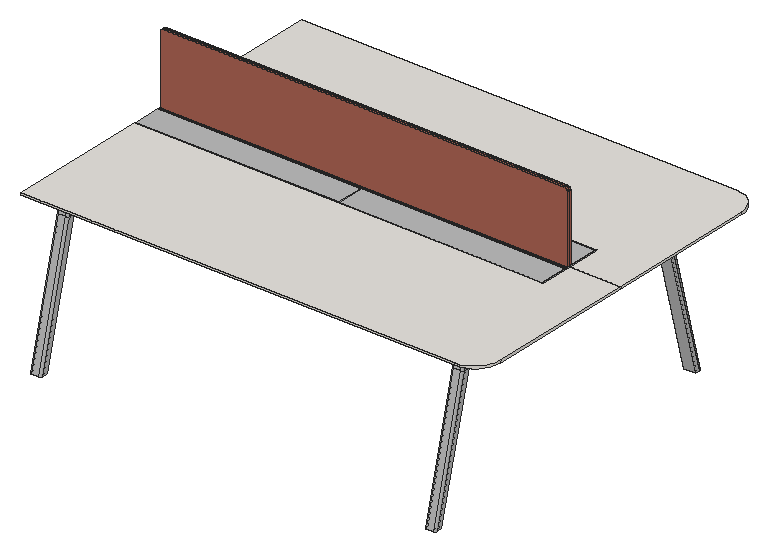
Revit family "Haworth_ActiveComponents_RectangularHalfConferenceEnd_Intuity_BUILD", category Furniture Systems, Revit 2015
Parameters (values of type "30d 72w")
  Worksurface Finish [instance] = Haworth _ Laminate _ Linen H-WL
  Width = 72"
  Warranty = "http://www.haworth.com/resources/product-info/warranties"
  Utility Tray Yes = yes
  URL - Product = "https://www.haworth.com/products/workspaces/accessories/active-components"
  URL = "www.haworth.com"
  Total Depth = Actual Depth * 2  # 63"
  Top Thickness = 1 3/16"  # constant formula
  Sustainability Info = "http://www.haworth.com/company-info/sustainability"
  Standard Worksurface Depths = "24, 30 inches"  # constant formula
  Standard Screen Widths = "60, 72 inches"  # constant formula
  Standard Worksurface Widths = "60, 72 inches"  # constant formula
  Screen Yes [instance] = yes
  Screen Width = 72"
  Screen Offset = Leg Height + 1/4"  # 28 1/4"
  Screen Finish = Haworth _ Fabric _ Tellure _ Geranium 3A-42
  Rail Finish = Haworth _ Paint _ Metallic Silver
  Overhang Dimension = if(Overhang 9in, 9", 18")  # 9"
  Overhang 9in = yes
  Overhang 18in = not(Overhang 9in)  # no
  Min Width = 60"  # constant formula
  Min Screen Width = 60"  # constant formula
  Min Depth = 24"  # constant formula
  Middle Void Dimension = if(Access Hatch Yes, 5 13/16", 1 13/16")  # 5 13/16"
  Max Width = 72"  # constant formula
  Max Screen Width = 72"  # constant formula
  Max Depth = 30"  # constant formula
  Leg Right Shared [instance] = no
  Leg Right Offset [instance] = if(Leg Right Shared, 0", 1 1/4")  # 1 1/4"
  Leg Right None [instance] = not(or(Leg Right Column, Leg Right Angled))  # no
  Leg Right Column [instance] = no
  Leg Right Angled [instance] = yes
  Leg Left Shared [instance] = no
  Leg Left Offset [instance] = if(Leg Left Shared, 0", 1 1/4")  # 1 1/4"
  Leg Left None [instance] = not(or(Leg Left Column, Leg Left Angled))  # no
  Leg Left Column [instance] = no
  Leg Left Angled [instance] = yes
  Leg Height = 28"  # constant formula
  Leg Half = 1"  # constant formula
  Leg Front Offset [instance] = if(or(Leg Right Angled, Leg Left Angled), 13", 6")  # 13"
  Leg Finish = Haworth _ Paint _ Metallic Silver
  Size = "Verify Final Dim. w/ Haworth"  # constant formula
  Revision Number = "3"  # constant formula
  Model = "WBYB"  # constant formula
  Manufacturer = "Haworth"  # constant formula
  End Cap Right [instance] = yes
  End Cap Offset = 1/8"  # constant formula
  End Cap Depth Half = if(Access Hatch Yes, 5 29/32", 1 13/32")  # 5 29/32"
  Description = "Haworth Intuity - Worksurface - Rectangular Half Conference End - 30d 72w"
  Depth = Actual Depth - Middle Void Dimension  # 25 11/16"
  Custom Size = not(or(Width = 48", Width = 54", Width = 60", Width = 66", Width = 72"))  # no
  Custom Screen Size = not(or(Screen Width = 60", Screen Width = 30", Screen Width = 72"))  # no
  Beam Offset = 16 1/2"  # constant formula
  Beam Height = 2"  # constant formula
  Beam Gap = 9/16"  # constant formula
  Beam Depth = 1 1/4"  # constant formula
  Author = "Haworth (Hampton, Alias)"  # constant formula
  Assembly Code = "E2020200"
  Actual Worksurface Depth = 19 1/2"
  Actual Width = (if(Width > Max Width, Max Width, if(Width < Min Width, Min Width, Width))) + Overhang Dimension  # 81"
  Actual Screen Width = if(Screen Width > Max Screen Width, Max Screen Width - 1/4", if(Screen Width < Min Screen Width, Min Screen Width - 1/4", Screen Width - 1/4"))  # 71 3/4"
  Actual Height = 29 3/16"  # constant formula
  Actual Depth = if([24 Depth], 25 1/2", 31 1/2")  # 31 1/2"
  Access Plate Offset = 7/8"  # constant formula
  Access Plate Height = 3/8"  # constant formula
  Access Plate Depth = 4 1/4"  # constant formula
  Access Hatch Yes = yes
  Access Hatch No = not(Access Hatch Yes)  # no
  Access Hatch Finish = Haworth _ Paint _ Metallic Silver
  Accent Plate Finish = Haworth _ Paint _ Metallic Silver
  Accent Plate Depth [instance] = Total Depth - Leg Front Offset * 2  # 37"
  30 Depth = not([24 Depth])  # yes
  24 Depth = no
Reference planes (in)
  plane 1: z = 0
  plane 2 "Screen Center": x = 8.5
  plane 3 "Left Edge": x = -27.5
  plane 4 "Screen Right Edge": x = 44.5
  plane 5 "Support Top": z = 29.1875
  plane 6 "Center F/B": y = -7.86431
  plane 7 "Back": y = 23.63569
  plane 8 "Front": y = -39.36431
  plane 9 "Right Leg Offset": x = 43.25
  plane 10 "Leg Front": y = -26.36431
  plane 11 "Leg Back": y = 10.63569
  plane 12: z = 28
  plane 13 "Beam 2": y = -0.86431
  plane 14 "Beam 1": y = 0.38569
  plane 15 "Beam 3": y = -14.86431
  plane 16 "Beam 4": y = -16.11431
  plane 17 "Beam Top": z = 27.4375
  plane 18 "Beam Bottom": z = 25.4375
  plane 19 "Leg Right Inside": x = 42.25
  plane 20 "Access Bottom": z = 28.8125
  plane 21 "Right": x = 53.5
  plane 22 "Center L/R": x = 13
  plane 23: x = -25.25
  plane 24: x = -26.25
Forms (in)
  Extrusion 1, solid, material "Haworth _ Paint _ Metallic Silver" <- "Access Hatch Finish", visible <- "End Cap Right"
    sketch origin (0, 0, 0) x (1, 0, 0) y (0, 1, 0)
      loop
        line (44.375, -1.95806) -> (44.375, -13.77056) -> (44.5, -13.77056) -> (44.5, -1.95806) -> (44.375, -1.95806)
    from 28 to 29.1875
  Extrusion 2, solid, material "Haworth _ Paint _ Metallic Silver" <- "Leg Finish"
    sketch origin (0, 0, 0) x (1, 0, 0) y (0, 1, 0)
      loop
        line (-25.25, 0.38569) -> (-25.25, -0.86431) -> (42.25, -0.86431) -> (42.25, 0.38569) -> (-25.25, 0.38569)
      loop
        line (-25.25, -14.86431) -> (-25.25, -16.11431) -> (42.25, -16.11431) -> (42.25, -14.86431) -> (-25.25, -14.86431)
    from 25.4375 to 27.4375
Dimensions and locks (in)
  "Width": plane 3 "Left Edge" to plane 4 "Screen Right Edge"
  equal spacing: plane 3 "Left Edge", plane 2 "Screen Center", plane 4 "Screen Right Edge"
  "Actual Height": plane 5 "Support Top" to level
  "Leg Right Offset": plane 9 "Right Leg Offset" to plane 4 "Screen Right Edge"
  "Leg Front Offset": plane 7 "Back" to plane 11 "Leg Back"
  "Leg Front Offset": plane 8 "Front" to plane 10 "Leg Front"
  "Top Thickness": plane 5 "Support Top" to plane 12
  equal spacing: plane 16 "Beam 4", plane 6 "Center F/B", plane 14 "Beam 1"
  "Beam Offset": plane 16 "Beam 4" to plane 14 "Beam 1"
  "Beam Depth": plane 14 "Beam 1" to plane 13 "Beam 2"
  "Beam Depth": plane 16 "Beam 4" to plane 15 "Beam 3"
  "Beam Gap": plane 12 to plane 17 "Beam Top"
  "Beam Height": plane 17 "Beam Top" to plane 18 "Beam Bottom"
  "Leg Half": plane 19 "Leg Right Inside" to plane 9 "Right Leg Offset"
  "Access Plate Height": plane 5 "Support Top" to plane 20 "Access Bottom"
  "Actual Width": plane 3 "Left Edge" to plane 21 "Right"
  equal spacing: plane 3 "Left Edge", plane 22 "Center L/R", plane 21 "Right"
  locked: plane 3 "Left Edge" to plane 23 at 2.25
  "Actual Depth": plane 7 "Back" to plane 6 "Center F/B"
  "Actual Depth": plane 6 "Center F/B" to plane 8 "Front"
  "Leg Left Offset": plane 3 "Left Edge" to plane 24
  aligned and locked: nested 2 to plane 9 "Right Leg Offset"
  aligned and locked: plane 10 "Leg Front" to nested 2
  aligned and locked: plane 11 "Leg Back" to nested 1
  aligned and locked: plane 9 "Right Leg Offset" to nested 1
  aligned and locked: nested 3 to plane 9 "Right Leg Offset"
  aligned and locked: plane 6 "Center F/B" to nested 3
  aligned and locked: Extrusion 1 sketch curve to plane 4 "Screen Right Edge"
  aligned and locked: plane 5 "Support Top" to Extrusion 1
  aligned and locked: Extrusion 1 to plane 12
  aligned and locked: plane 19 "Leg Right Inside" to Extrusion 2 sketch curve  (x2)
  aligned and locked: Extrusion 2 sketch curve to plane 14 "Beam 1"
  aligned and locked: plane 13 "Beam 2" to Extrusion 2 sketch curve
  aligned and locked: plane 15 "Beam 3" to Extrusion 2 sketch curve
  aligned and locked: Extrusion 2 sketch curve to plane 16 "Beam 4"
  aligned and locked: plane 17 "Beam Top" to Extrusion 2
  aligned and locked: Extrusion 2 to plane 18 "Beam Bottom"
  aligned and locked: plane 6 "Center F/B" to nested 4
  aligned and locked: Extrusion 2 to plane 23  (x2)
  aligned and locked: plane 3 "Left Edge" to nested 7
  aligned and locked: nested 6 to plane 3 "Left Edge"
  aligned and locked: plane 6 "Center F/B" to nested 7
  aligned and locked: plane 6 "Center F/B" to nested 6
  aligned and locked: plane 3 "Left Edge" to nested 5
  aligned and locked: plane 6 "Center F/B" to nested 5
  aligned and locked: nested 8 to plane 1
  aligned and locked: nested 9 to plane 1
  aligned and locked: nested 10 to plane 1
  aligned and locked: nested 2 to plane 1
  aligned and locked: nested 1 to plane 1
  aligned and locked: nested 10 to plane 24
  aligned and locked: plane 24 to nested 8
  aligned and locked: plane 24 to nested 11
  aligned and locked: plane 24 to nested 9
  aligned and locked: plane 10 "Leg Front" to nested 9
  aligned and locked: plane 11 "Leg Back" to nested 10
  aligned and locked: plane 6 "Center F/B" to nested 8
  aligned and locked: plane 6 "Center F/B" to nested 11
  aligned and locked: nested 12 to plane 1
  aligned and locked: nested 12 to plane 9 "Right Leg Offset"
  aligned and locked: plane 6 "Center F/B" to nested 12
  aligned and locked: plane 2 "Screen Center" to nested 13
  aligned and locked: nested 13 to plane 6 "Center F/B"
Automatic sketch dimensions
  Extrusion 1 sketch curve to plane 15 "Beam 3" = 1 3/32"
  Extrusion 1 sketch curve to plane 13 "Beam 2" = 1 3/32"
  Extrusion 2 sketch curve to plane 3 "Left Edge" = 2 1/4"  (x2)
  Extrusion 1 sketch curve to plane 4 "Screen Right Edge" = 1/8"
Nested families (in)
  nested 1: "Haworth_Intuity_Angled_Leg" at (51.75, 2.77138, 0) x (-1, 0, 0) z (0, 0, 1), visible <- "Leg Right Angled", type "Support"
  nested 2: "Haworth_Intuity_Angled_Leg" at (34.75, -18.5, 0), visible <- "Leg Right Angled", type "Support"
  nested 3: "Haworth_Intuity_Accent_Plate" at (34.75, 2.78125, 0), visible <- "Leg Right Angled", type "Support"
    with Support Depth 37"
  nested 4: "Haworth_Intuity_Screens" at (0, 0, 28.25), visible <- "Screen Yes", built-in parameter 1001364 <- "Screen Offset", type "Screen"
    with Actual Width 71 3/4"
  nested 5: "Haworth_ActiveComponents_AccessHatch_Part" at (0, 0, 0), visible <- "Access Hatch Yes", type "Access Hatch"
    with Width 72", Actual Width 72"
  nested 6: "Haworth_Intuity_Worksurfaces_RectangleHalfConferenceEnd_Part" at (0, 2.67763, 28), built-in parameter 1001364 <- "Leg Height", type "Top"
    with Overhang 18in. no, Overall Depth 31", Actual Depth 25 3/16", 24in. Depth no
  nested 7: "Haworth_Intuity_Worksurfaces_RectangleHalfConferenceEnd_Part" at (0, -18.40625, 28), built-in parameter 1001364 <- "Leg Height", type "Top"
    with Overhang 18in. no, Overall Depth 31", Actual Depth 25 3/16", 24in. Depth no
  nested 8: "Haworth_Intuity_Column_Leg" at (-34.75, 2.78125, 0), visible <- "Leg Left Column", type "Support"
  nested 9: "Haworth_Intuity_Angled_Leg" at (-34.75, -18.5, 0), visible <- "Leg Left Angled", type "Support"
  nested 10: "Haworth_Intuity_Angled_Leg" at (-17.75, 2.77138, 0) x (-1, 0, 0) z (0, 0, 1), visible <- "Leg Left Angled", type "Support"
  nested 11: "Haworth_Intuity_Accent_Plate" at (-34.75, 2.78125, 0), visible <- "Leg Left Angled", type "Support"
    with Support Depth 37"
  nested 12: "Haworth_Intuity_Column_Leg" at (34.75, 2.78125, 0), visible <- "Leg Right Column", type "Support"
  nested 13: "Haworth_Intuity_Utility_Tray" at (0, 13.375, 0), visible <- "Utility Tray Yes", type "Tray"
Definition of nested family "Haworth_Intuity_Angled_Leg"
  Parameters
    URL = "www.haworth.com"
    Support Thickness = 2"  # constant formula
    Support Inset = 1/4"  # constant formula
    Support Height = 28"  # constant formula
    Support Finish = none
    Size = "Verify Final Dim. w/ Haworth"  # constant formula
    Revision Number = "1"  # constant formula
    Model = "Haworth_Intuity_Angled_Leg"  # constant formula
    Manufacturer = "Haworth"  # constant formula
    Description = "Haworth_Intuity_Angled_Leg"
    Author = "Haworth (Hampton)"  # constant formula
    Assembly Code = "E2020200"
    Actual Depth = 10 3/4"  # constant formula
  Reference planes (in)
    plane 1: z = 0
    plane 2 "Center L/R": x = 8.5
    plane 3 "Support Left Edge": x = 7.5
    plane 4 "Support Right Edge": x = 9.5
    plane 5 "Support Top": z = 28
    plane 6 "Center F/B": y = -7.86431
    plane 7 "Inset Left": x = 7.75
    plane 8 "Inset Right": x = 9.25
    plane 9 "Front": y = -18.60273
  Forms (in)
    Extrusion 1, solid, material <- "Support Finish"
      sketch origin (7.5, 0, 0) x (0, -1, 0) y (0, 0, 1)
        loop
          line (18.60273, 0) -> (12.61969, 22.70402) -> (11.40102, 22.70402) -> (17.38407, 0) -> (18.60273, 0)
      from -2 to 0
    Extrusion 2, solid, material <- "Support Finish"
      sketch origin (7.5, 0, 0) x (0, -1, 0) y (0, 0, 1)
        loop
          line (12.61969, 22.70402) -> (11.20064, 28) -> (9.99113, 28) -> (9.63452, 26.66908)
          arc (9.63452, 26.66908) -> (9.41129, 26.335) -> (9.03081, 26.20584) r 0.625
          line (9.03081, 26.20584) -> (7.86431, 26.20584) -> (7.86431, 25.0255) -> (8.76475, 25.0255)
          arc (8.76475, 25.0255) -> (10.36275, 24.48305) -> (11.30031, 23.0799) r 2.625
          line (11.30031, 23.0799) -> (11.40102, 22.70402) -> (12.61969, 22.70402)
      from -2 to 0
    Extrusion 3, void
      sketch origin (0, -0.61412, -4.74042) x (1, 0, 0) y (0, 0.966987, -0.254824)
        loop
          line (9.125, -18.60273) -> (7.875, -18.60273)
          arc (7.875, -18.60273) -> (7.60983, -18.4929) -> (7.5, -18.22773) r 0.375
          line (7.5, -18.22773) -> (7.18721, -18.74452) -> (9.81279, -18.74452) -> (9.5, -18.22773)
          arc (9.5, -18.22773) -> (9.39017, -18.4929) -> (9.125, -18.60273) r 0.375
      from 0 to 30.3576
  Cuts and joins
    Extrusion 3 cuts Extrusion 1
    Extrusion 3 cuts Extrusion 2
  Lines and regions (in)
    symbolic lines, detail levels medium+fine
      curve 1: line (7.5, -7.86431, 0) -> (9.5, -7.86431, 0)
      curve 2: line (7.5, -18.60273, 0) -> (7.5, -7.86431, 0)
      curve 3: line (9.5, -18.60273, 0) -> (7.5, -18.60273, 0)
      curve 4: line (9.5, -7.86431, 0) -> (9.5, -18.60273, 0)
  Dimensions and locks (in)
    "Support Thickness": plane 3 "Support Left Edge" to plane 4 "Support Right Edge"
    equal spacing: plane 3 "Support Left Edge", plane 2 "Center L/R", plane 4 "Support Right Edge"
    "Support Height": plane 5 "Support Top" to level
    "Support Inset": plane 3 "Support Left Edge" to plane 7 "Inset Left"
    "Support Inset": plane 8 "Inset Right" to plane 4 "Support Right Edge"
    aligned and locked: plane 4 "Support Right Edge" to Extrusion 2
    aligned and locked: plane 3 "Support Left Edge" to Extrusion 2
    aligned and locked: plane 4 "Support Right Edge" to Extrusion 1
    aligned and locked: plane 3 "Support Left Edge" to Extrusion 1
  Automatic sketch dimensions
    Extrusion 1 sketch curve to level = 0"
    Extrusion 1 sketch curve to plane 6 "Center F/B" = 3.53671"
    Extrusion 1 sketch curve to Extrusion 1 sketch curve = 1.21867"  (x2)
    Extrusion 2 sketch curve to plane 6 "Center F/B" = 0"
    Extrusion 2 sketch curve to plane 5 "Support Top" = 0"
    Extrusion 2 sketch curve to plane 6 "Center F/B" = 1.1665"
    Extrusion 2 sketch curve to plane 6 "Center F/B" = 0.90044"
    Extrusion 2 sketch curve to Extrusion 2 sketch curve = 0.6037"
    Extrusion 2 sketch curve to Extrusion 2 sketch curve = 0.35662"
    Extrusion 2 sketch curve to Extrusion 2 sketch curve = 2.53556"
    Extrusion 2 sketch curve to Extrusion 2 sketch curve = 1.2095"
    Extrusion 2 sketch curve to Extrusion 2 sketch curve = 0.10072"
    Extrusion 2 sketch curve to Extrusion 2 sketch curve = 1.21867"
    Extrusion 2 sketch curve to Extrusion 2 sketch curve = 0.16176"
    Extrusion 2 sketch curve to Extrusion 2 sketch curve = 1.18035"
    Extrusion 2 sketch curve to Extrusion 2 sketch curve = 1.9456"
    Extrusion 2 sketch curve to Extrusion 2 sketch curve = 0.37588"
    Extrusion 1 sketch curve to plane 6 "Center F/B" = 9.51976"
    Extrusion 1 sketch curve to plane 5 "Support Top" = 5.29598"
    Extrusion 2 sketch curve to plane 5 "Support Top" = 1.16916"
    plane 3 "Support Left Edge" to curve 3 = 0"
    plane 4 "Support Right Edge" to curve 3 = 0"
    curve 3 to plane 6 "Center F/B" = 10.73842"
    plane 6 "Center F/B" to curve 2 = 0"
    Extrusion 3 sketch curve to plane 3 "Support Left Edge" = 0"
    Extrusion 3 sketch curve to plane 4 "Support Right Edge" = 0"
    plane 3 "Support Left Edge" to Extrusion 3 sketch curve = 0.31279"
    plane 7 "Inset Left" to Extrusion 3 sketch curve = 1/8"
    plane 8 "Inset Right" to Extrusion 3 sketch curve = 1/8"
    plane 4 "Support Right Edge" to Extrusion 3 sketch curve = 0.31279"
    Extrusion 3 sketch curve to Extrusion 3 sketch curve = 0.14179"
Definition of nested family "Haworth_Intuity_Accent_Plate"
  Parameters
    URL = "www.haworth.com"
    Support Thickness = 2"  # constant formula
    Support Inset = 1/4"  # constant formula
    Support Height = 28"  # constant formula
    Support Finish = none
    Support Depth = 16"
    Size = "Verify Final Dim. w/ Haworth"  # constant formula
    Revision Number = "1"  # constant formula
    Plate Offset = 2 3/8"  # constant formula
    Model = "Haworth_Intuity_Accent_Plate"  # constant formula
    Manufacturer = "Haworth"  # constant formula
    Leg Depth = 1 1/4"  # constant formula
    Description = "Haworth_Intuity_Accent_Plate"
    Author = "Haworth (Hampton)"  # constant formula
    Assembly Code = "E2020200"
    Actual Depth = 3 11/16"  # constant formula
    Access Plate Finish = none
  Reference planes (in)
    plane 1: z = 0
    plane 2 "Center L/R": x = 8.5
    plane 3 "Support Left Edge": x = 7.5
    plane 4 "Support Right Edge": x = 9.5
    plane 5 "Support Top": z = 28
    plane 6 "Center F/B": y = -10.64556
    plane 7 "Leg Inside": y = -18.64556
    plane 8 "Plate Middle": z = 26.20584
    plane 9 "Plate Bottom": z = 25.0255
    plane 10 "Leg Inside Back": y = -2.64556
    plane 11 "Plate Left": x = 7.75
    plane 12 "Plate Right": x = 9.25
    plane 13 "Plate Front": y = -21.02056
    plane 14 "Plate End": y = -0.27056
  Forms (in)
    Extrusion 1, solid, material <- "Support Finish"
      sketch origin (8.5, 0, 0) x (0, 1, 0) y (0, 0, 1)
        loop
          line (-18.64556, 26.20584) -> (-18.64556, 25.0255) -> (-2.64556, 25.0255) -> (-2.64556, 26.20584) -> (-18.64556, 26.20584)
      from -1 to 1
    Extrusion 2, solid, material <- "Access Plate Finish"
      sketch origin (8.5, 0, 0) x (0, 1, 0) y (0, 0, 1)
        loop
          line (-21.02056, 28) -> (-20.66394, 26.66908)
          arc (-20.66394, 26.66908) -> (-20.44071, 26.335) -> (-20.06024, 26.20584) r 0.625
          line (-20.06024, 26.20584) -> (-1.23088, 26.20584)
          arc (-1.23088, 26.20584) -> (-0.85041, 26.335) -> (-0.62718, 26.66908) r 0.625
          line (-0.62718, 26.66908) -> (-0.27056, 28) -> (-21.02056, 28)
      from -0.75 to 0.75
  Lines and regions (in)
    symbolic lines, detail levels medium+fine
      curve 1: line (7.5, -0.27056, 0) -> (9.5, -0.27056, 0)
      curve 2: line (7.5, -21.02056, 0) -> (7.5, -0.27056, 0)
      curve 3: line (9.5, -21.02056, 0) -> (7.5, -21.02056, 0)
      curve 4: line (9.5, -0.27056, 0) -> (9.5, -21.02056, 0)
  Dimensions and locks (in)
    "Support Thickness": plane 3 "Support Left Edge" to plane 4 "Support Right Edge"
    equal spacing: plane 3 "Support Left Edge", plane 2 "Center L/R", plane 4 "Support Right Edge"
    "Support Height": plane 5 "Support Top" to level
    locked: plane 5 "Support Top" to plane 8 "Plate Middle" at 1.79416
    locked: plane 8 "Plate Middle" to plane 9 "Plate Bottom" at 1.18035
    equal spacing: plane 10 "Leg Inside Back", plane 6 "Center F/B", plane 7 "Leg Inside"
    "Support Depth": plane 7 "Leg Inside" to plane 10 "Leg Inside Back"
    locked: plane 3 "Support Left Edge" to plane 11 "Plate Left" at 0.25
    locked: plane 12 "Plate Right" to plane 4 "Support Right Edge" at 0.25
    "Plate Offset": plane 13 "Plate Front" to plane 7 "Leg Inside"
    "Plate Offset": plane 10 "Leg Inside Back" to plane 14 "Plate End"
    aligned and locked: plane 7 "Leg Inside" to Extrusion 1 sketch curve
    aligned and locked: plane 10 "Leg Inside Back" to Extrusion 1 sketch curve
    aligned and locked: Extrusion 1 sketch curve to plane 8 "Plate Middle"
    aligned and locked: plane 9 "Plate Bottom" to Extrusion 1 sketch curve
    aligned and locked: plane 3 "Support Left Edge" to Extrusion 1
    aligned and locked: plane 4 "Support Right Edge" to Extrusion 1
    aligned and locked: Extrusion 2 sketch curve to plane 8 "Plate Middle"
    aligned and locked: Extrusion 2 sketch curve to plane 5 "Support Top"
    aligned and locked: Extrusion 2 to plane 11 "Plate Left"
    aligned and locked: Extrusion 2 to plane 12 "Plate Right"
    aligned and locked: plane 14 "Plate End" to curve 1
    aligned and locked: plane 13 "Plate Front" to curve 3
  Automatic sketch dimensions
    Extrusion 2 sketch curve to plane 13 "Plate Front" = 0"
    Extrusion 2 sketch curve to plane 14 "Plate End" = 0"
    plane 13 "Plate Front" to Extrusion 2 sketch curve = 0.35662"
    Extrusion 2 sketch curve to Extrusion 2 sketch curve = 0.6037"
    plane 14 "Plate End" to Extrusion 2 sketch curve = 0.96032"
    plane 14 "Plate End" to Extrusion 2 sketch curve = 0.35662"
    plane 8 "Plate Middle" to Extrusion 2 sketch curve = 0.46324"  (x2)
    curve 3 to plane 3 "Support Left Edge" = 0"
    curve 3 to plane 4 "Support Right Edge" = 0"
Definition of nested family "Haworth_Intuity_Screens"
  Parameters
    URL = "www.haworth.com"
    Size = "Verify Final Dim. w/ Haworth"  # constant formula
    Screen Finish = none
    Screen Depth = 7/32"  # constant formula
    Revision Number = "1"  # constant formula
    Model = "Haworth_Intuity_Screens"  # constant formula
    Manufacturer = "Haworth"  # constant formula
    Inside Offset = 1/8"  # constant formula
    Description = "Haworth_Intuity_Screens"
    Author = "Haworth (Hampton)"  # constant formula
    Assembly Code = "E2020200"
    Actual Width = 48"
    Actual Height = 13 13/32"  # constant formula
    Actual Depth = 9/16"  # constant formula
  Reference planes (in)
    plane 1: z = 0
    plane 2 "Center L/R": x = 8.5
    plane 3 "Left Edge": x = -15.5
    plane 4 "Right Edge": x = 32.5
    plane 5 "Support Top": z = 13.40625
    plane 6 "Center F/B": y = -7.86431
    plane 7 "Back": y = -7.58306
    plane 8 "Front": y = -8.14556
    plane 9 "Screen Inside Back": y = -7.80181
    plane 10 "Screen Inside Front": y = -7.92681
    plane 11 "Inside Left": x = -15.375
    plane 12 "Inside Right": x = 32.375
    plane 13 "Inside Top": z = 13.28125
    plane 14 "Inside Bottom": z = 0.125
  Forms (in)
    Extrusion 1, solid, material <- "Screen Finish"
      sketch origin (0, -7.86431, 0) x (0, 0, -1) y (-1, 0, 0)
        loop
          line (-13.40625, 14.875) -> (-13.40625, -31.875)
          arc (-13.40625, -31.875) -> (-13.22319, -32.31694) -> (-12.78125, -32.5) r 0.625
          line (-12.78125, -32.5) -> (0, -32.5) -> (0, 15.5) -> (-12.78125, 15.5)
          arc (-12.78125, 15.5) -> (-13.22319, 15.31694) -> (-13.40625, 14.875) r 0.625
      from -0.28125 to -0.0625
    Extrusion 2, solid, material <- "Screen Finish"
      sketch origin (0, -7.58306, 0) x (-1, 0, 0) y (0, 0, 1)
        loop
          line (14.875, 13.40625) -> (-31.875, 13.40625)
          arc (-31.875, 13.40625) -> (-32.31694, 13.22319) -> (-32.5, 12.78125) r 0.625
          line (-32.5, 12.78125) -> (-32.5, 0) -> (15.5, 0) -> (15.5, 12.78125)
          arc (15.5, 12.78125) -> (15.31694, 13.22319) -> (14.875, 13.40625) r 0.625
      from -0.21875 to 0
    Extrusion 3, solid, material <- "Screen Finish"
      sketch origin (0, -7.86431, 0) x (0, 0, -1) y (-1, 0, 0)
        loop
          line (-13.28125, 14.75) -> (-13.28125, -31.75)
          arc (-13.28125, -31.75) -> (-13.09819, -32.19194) -> (-12.65625, -32.375) r 0.625
          line (-12.65625, -32.375) -> (-0.125, -32.375) -> (-0.125, 15.375) -> (-12.65625, 15.375)
          arc (-12.65625, 15.375) -> (-13.09819, 15.19194) -> (-13.28125, 14.75) r 0.625
      from -0.0625 to 0.0625
  Lines and regions (in)
    symbolic lines
      curve 1: line (-15.5, -7.86431, 0) -> (32.5, -7.86431, 0)
  Dimensions and locks (in)
    "Actual Width": plane 3 "Left Edge" to plane 4 "Right Edge"
    equal spacing: plane 3 "Left Edge", plane 2 "Center L/R", plane 4 "Right Edge"
    "Actual Height": plane 5 "Support Top" to level
    equal spacing: plane 8 "Front", plane 6 "Center F/B", plane 7 "Back"
    "Actual Depth": plane 8 "Front" to plane 7 "Back"
    "Screen Depth": plane 7 "Back" to plane 9 "Screen Inside Back"
    "Screen Depth": plane 8 "Front" to plane 10 "Screen Inside Front"
    "Inside Offset": plane 5 "Support Top" to plane 13 "Inside Top"
    "Inside Offset": plane 14 "Inside Bottom" to plane 1
    "Inside Offset": plane 3 "Left Edge" to plane 11 "Inside Left"
    "Inside Offset": plane 4 "Right Edge" to plane 12 "Inside Right"
    aligned and locked: curve 1 to plane 6 "Center F/B"
    aligned and locked: plane 4 "Right Edge" to curve 1
    aligned and locked: plane 3 "Left Edge" to curve 1
    aligned and locked: Extrusion 1 sketch curve to plane 4 "Right Edge"
    aligned and locked: plane 1 to Extrusion 1 sketch curve
    aligned and locked: Extrusion 1 sketch curve to plane 3 "Left Edge"
    aligned and locked: Extrusion 1 sketch curve to plane 5 "Support Top"
    aligned and locked: plane 8 "Front" to Extrusion 1
    aligned and locked: Extrusion 1 to plane 10 "Screen Inside Front"
    aligned and locked: Extrusion 2 sketch curve to plane 5 "Support Top"
    aligned and locked: Extrusion 2 sketch curve to plane 4 "Right Edge"
    aligned and locked: plane 1 to Extrusion 2 sketch curve
    aligned and locked: Extrusion 2 sketch curve to plane 3 "Left Edge"
    aligned and locked: Extrusion 2 to plane 9 "Screen Inside Back"
    aligned and locked: plane 7 "Back" to Extrusion 2
    aligned and locked: plane 14 "Inside Bottom" to Extrusion 3 sketch curve
    aligned and locked: plane 11 "Inside Left" to Extrusion 3 sketch curve
    aligned and locked: plane 12 "Inside Right" to Extrusion 3 sketch curve
    aligned and locked: Extrusion 3 sketch curve to plane 13 "Inside Top"
    aligned and locked: plane 10 "Screen Inside Front" to Extrusion 3
    aligned and locked: plane 9 "Screen Inside Back" to Extrusion 3
  Automatic sketch dimensions
    Extrusion 1 sketch curve to plane 13 "Inside Top" = 1/2"  (x2)
    plane 12 "Inside Right" to Extrusion 2 sketch curve = 1/2"
    plane 11 "Inside Left" to Extrusion 2 sketch curve = 1/2"
    Extrusion 3 sketch curve to plane 13 "Inside Top" = 5/8"  (x2)
Definition of nested family "Haworth_ActiveComponents_AccessHatch_Part"
  Parameters (values of type "Access Hatch")
    Width = 60"
    Warranty = "http://www.haworth.com/resources/product-info/warranties"
    URL - Product = "http://www.haworth.com/products/workspaces/benching/intuity"
    URL = "www.haworth.com"
    Top Thickness = 1 3/16"  # constant formula
    Sustainability Info = "http://www.haworth.com/company-info/sustainablility"
    Rail Finish = none
    Min Width = 48"  # constant formula
    Min Screen Width = 24"  # constant formula
    Max Width = 72"  # constant formula
    Max Screen Width = 60"  # constant formula
    Leg Height = 28"  # constant formula
    Leg Half = 1"  # constant formula
    Leg Finish = none
    Size = "Verify Final Dim. w/ Haworth"  # constant formula
    Revision Number = "2"  # constant formula
    Model = ""
    Manufacturer = "Haworth"  # constant formula
    End Cap Offset = 1/8"  # constant formula
    End Cap Depth Half = 5 29/32"
    Description = "Haworth - Intuity - Benching - Access Hatch Part"  # constant formula
    Custom Size = not(or(Width = 48", Width = 54", Width = 60", Width = 66", Width = 72"))  # no
    Beam Offset = 16 1/2"  # constant formula
    Beam Height = 2"  # constant formula
    Beam Gap = 9/16"  # constant formula
    Beam Depth = 1 1/4"  # constant formula
    Author = "Haworth (Hampton)"  # constant formula
    Assembly Code = "E2020200"
    Actual Width = if(Width > Max Width, Max Width, if(Width < Min Width, Min Width, Width))  # 60"
    Actual Height = 29 3/16"  # constant formula
    Access Plate Offset = 7/8"  # constant formula
    Access Plate Height = 3/8"  # constant formula
    Access Plate Depth = 5 13/16" - 7/8"  # 4 15/16"
    Access Hatch No = no
    Access Hatch Finish = none
    Accent Plate Finish = none
  Reference planes (in)
    plane 1: z = 0
    plane 2 "Center L/R": x = 8.5
    plane 3 "Left Edge": x = -21.5
    plane 4 "Right Edge": x = 38.5
    plane 5 "Support Top": z = 29.1875
    plane 6 "Center F/B": y = -7.86431
    plane 7 "End Cap Left": x = -21.375
    plane 8 "End Cap Right": x = 38.375
    plane 9 "End Cap Back": y = -1.95806
    plane 10 "End Cap Front": y = -13.77056
    plane 11: z = 28
    plane 12 "Beam 2": y = -0.86431
    plane 13 "Beam 1": y = 0.38569
    plane 14 "Beam 3": y = -14.86431
    plane 15 "Beam 4": y = -16.11431
    plane 16 "Beam Top": z = 27.4375
    plane 17 "Beam Bottom": z = 25.4375
    plane 18 "Leg Left Inside": x = -13.25
    plane 19 "Leg Right Inside": x = 30.25
    plane 20 "Access Plate Left": x = 8.375
    plane 21 "Access Plate Right": x = 8.625
    plane 22 "Access Plate 4": y = -8.73931
    plane 23 "Access Plate 1": y = -6.98931
    plane 24 "Access Plate 2": y = -2.05181
    plane 25 "Access Plate 3": y = -13.67681
    plane 26 "Access Bottom": z = 28.8125
  Forms (in)
    Extrusion 1, solid, material <- "Leg Finish"
      sketch origin (0, 0, 0) x (1, 0, 0) y (0, 1, 0)
        loop
          line (-13.25, 0.38569) -> (-13.25, -0.86431) -> (30.25, -0.86431) -> (30.25, 0.38569) -> (-13.25, 0.38569)
        loop
          line (-13.25, -14.86431) -> (-13.25, -16.11431) -> (30.25, -16.11431) -> (30.25, -14.86431) -> (-13.25, -14.86431)
      from 25.4375 to 27.4375
    Extrusion 2, solid, material <- "Access Hatch Finish"
      sketch origin (0, 0, 0) x (1, 0, 0) y (0, 1, 0)
        loop
          line (-21.375, -2.05181) -> (-21.375, -6.98931) -> (8.375, -6.98931) -> (8.375, -2.05181) -> (-21.375, -2.05181)
        loop
          line (-21.375, -8.73931) -> (-21.375, -13.67681) -> (8.375, -13.67681) -> (8.375, -8.73931) -> (-21.375, -8.73931)
        loop
          line (8.625, -2.05181) -> (8.625, -6.98931) -> (38.375, -6.98931) -> (38.375, -2.05181) -> (8.625, -2.05181)
        loop
          line (8.625, -8.73931) -> (8.625, -13.67681) -> (38.375, -13.67681) -> (38.375, -8.73931) -> (8.625, -8.73931)
      from 28.8125 to 29.1875
  Lines and regions (in)
    Masking region 1
      outline origin (0, 0, 0) x (1, 0, 0) y (0, 1, 0)
        loop
          line (-21.375, -13.67681) -> (8.375, -13.67681) -> (8.375, -8.73931) -> (-21.375, -8.73931) -> (-21.375, -13.67681)
        loop
          line (8.625, -13.67681) -> (38.375, -13.67681) -> (38.375, -8.73931) -> (8.625, -8.73931) -> (8.625, -13.67681)
        loop
          line (38.375, -2.05181) -> (8.625, -2.05181) -> (8.625, -6.98931) -> (38.375, -6.98931) -> (38.375, -2.05181)
        loop
          line (-21.375, -2.05181) -> (-21.375, -6.98931) -> (8.375, -6.98931) -> (8.375, -2.05181) -> (-21.375, -2.05181)
    symbolic lines, detail levels fine
      curve 1: line (8.5, -8.73931, 0) -> (8.5, -13.77056, 0)
      curve 2: line (8.5, -6.98931, 0) -> (8.5, -1.95806, 0)
  Dimensions and locks (in)
    "Actual Width": plane 3 "Left Edge" to plane 4 "Right Edge"
    equal spacing: plane 3 "Left Edge", plane 2 "Center L/R", plane 4 "Right Edge"
    "Actual Height": plane 5 "Support Top" to level
    "End Cap Offset": plane 8 "End Cap Right" to plane 4 "Right Edge"
    "End Cap Offset": plane 3 "Left Edge" to plane 7 "End Cap Left"
    "End Cap Depth Half": plane 10 "End Cap Front" to plane 6 "Center F/B"
    "End Cap Depth Half": plane 9 "End Cap Back" to plane 6 "Center F/B"
    "Top Thickness": plane 5 "Support Top" to plane 11
    equal spacing: plane 15 "Beam 4", plane 6 "Center F/B", plane 13 "Beam 1"
    "Beam Offset": plane 15 "Beam 4" to plane 13 "Beam 1"
    "Beam Depth": plane 13 "Beam 1" to plane 12 "Beam 2"
    "Beam Depth": plane 15 "Beam 4" to plane 14 "Beam 3"
    "Beam Gap": plane 11 to plane 16 "Beam Top"
    "Beam Height": plane 16 "Beam Top" to plane 17 "Beam Bottom"
    "End Cap Offset": plane 20 "Access Plate Left" to plane 2 "Center L/R"
    "End Cap Offset": plane 2 "Center L/R" to plane 21 "Access Plate Right"
    "Access Plate Offset": plane 6 "Center F/B" to plane 22 "Access Plate 4"
    "Access Plate Offset": plane 23 "Access Plate 1" to plane 6 "Center F/B"
    "Access Plate Depth": plane 23 "Access Plate 1" to plane 24 "Access Plate 2"
    "Access Plate Depth": plane 22 "Access Plate 4" to plane 25 "Access Plate 3"
    "Access Plate Height": plane 5 "Support Top" to plane 26 "Access Bottom"
    locked: plane 19 "Leg Right Inside" to plane 8 "End Cap Right" at 8.125
    locked: plane 7 "End Cap Left" to plane 18 "Leg Left Inside" at 8.125
    aligned and locked: plane 2 "Center L/R" to nested 1
    aligned and locked: plane 6 "Center F/B" to nested 1
    aligned and locked: plane 18 "Leg Left Inside" to Extrusion 1 sketch curve  (x2)
    aligned and locked: plane 19 "Leg Right Inside" to Extrusion 1 sketch curve  (x2)
    aligned and locked: Extrusion 1 sketch curve to plane 13 "Beam 1"
    aligned and locked: plane 12 "Beam 2" to Extrusion 1 sketch curve
    aligned and locked: plane 14 "Beam 3" to Extrusion 1 sketch curve
    aligned and locked: Extrusion 1 sketch curve to plane 15 "Beam 4"
    aligned and locked: plane 16 "Beam Top" to Extrusion 1
    aligned and locked: Extrusion 1 to plane 17 "Beam Bottom"
    aligned and locked: plane 25 "Access Plate 3" to Extrusion 2 sketch curve  (x2)
    aligned and locked: Extrusion 2 sketch curve to plane 22 "Access Plate 4"  (x2)
    aligned and locked: Extrusion 2 sketch curve to plane 23 "Access Plate 1"  (x2)
    aligned and locked: plane 24 "Access Plate 2" to Extrusion 2 sketch curve  (x2)
    aligned and locked: Extrusion 2 sketch curve to plane 21 "Access Plate Right"  (x2)
    aligned and locked: Extrusion 2 sketch curve to plane 20 "Access Plate Left"  (x2)
    aligned and locked: plane 8 "End Cap Right" to Extrusion 2 sketch curve  (x2)
    aligned and locked: plane 7 "End Cap Left" to Extrusion 2 sketch curve  (x2)
    aligned and locked: plane 5 "Support Top" to Extrusion 2
    aligned and locked: Extrusion 2 to plane 26 "Access Bottom"
    aligned and locked: curve 1 to plane 2 "Center L/R"
    aligned and locked: plane 22 "Access Plate 4" to curve 1
    aligned and locked: plane 2 "Center L/R" to curve 2
    aligned and locked: plane 23 "Access Plate 1" to curve 2
    aligned and locked: plane 9 "End Cap Back" to curve 2
    aligned and locked: plane 10 "End Cap Front" to curve 1
    aligned and locked: Masking region 1 sketch curve to Extrusion 2  (x16)
  Nested families (in)
    nested 1: "Haworth_Intuity_Rail" at (0, 2.78125, 0), type "Rail"
      with Right Shared Leg no, Right Offset 1/8", Left Shared Leg no, Left Offset 1/8", Worsurface Length 60"
  Definition of nested family "Haworth_Intuity_Rail"
    Parameters
      Worsurface Height = 1 3/16"  # constant formula
      URL = "www.haworth.com"
      Worsurface Length = 48"
      Support Height = 28"  # constant formula
      Right Shared Leg [instance] = no
      Right Offset [instance] = if(Right Shared Leg, 0", 1/8")  # 1/8"
      Rail Finish = none
      Rail Depth = 1 1/2"  # constant formula
      Size = "Verify Final Dim. w/ Haworth"  # constant formula
      Revision Number = "1"  # constant formula
      Model = "Haworth_Intuity_Rail"  # constant formula
      Manufacturer = "Haworth"  # constant formula
      Left Shared Leg [instance] = no
      Left Offset [instance] = if(Left Shared Leg, 0", 1/8")  # 1/8"
      Description = "Haworth_Intuity_Rail"
      Author = "Haworth (Hampton)"  # constant formula
      Assembly Code = "E2020200"
    Reference planes (in)
      plane 1: z = 0
      plane 2 "Center L/R": x = 8.5
      plane 3 "Support Left Edge": x = -15.5
      plane 4 "Support Right Edge": x = 32.5
      plane 5 "Support Top": z = 28
      plane 6 "Center F/B": y = -10.64556
      plane 7 "Leg Inside": y = -11.39556
      plane 8 "Top Top": z = 29.1875
      plane 9 "Leg Inside Back": y = -9.89556
      plane 10 "Plate Left": x = -15.375
      plane 11 "Plate Right": x = 32.375
      plane 12: z = 28.1875
    Forms (in)
      Extrusion 1, solid, material <- "Rail Finish"
        sketch origin (8.5, 0, 0) x (0, 1, 0) y (0, 0, 1)
          loop
            line (-11.39556, 29.1875) -> (-11.39556, 28.1875) -> (-9.89556, 28.1875) -> (-9.89556, 29.1875) -> (-9.95806, 29.1875) -> (-9.95806, 28.375) -> (-10.20806, 28.375) -> (-10.20806, 29.1875) -> (-10.27056, 29.1875) -> (-10.27056, 28.25) -> (-11.02056, 28.25) -> (-11.02056, 29.1875) -> (-11.08306, 29.1875) -> (-11.08306, 28.375) -> (-11.33306, 28.375) -> (-11.33306, 29.1875) -> (-11.39556, 29.1875)
        from -23.875 to 23.875
    Lines and regions (in)
      symbolic lines, detail levels medium+fine
        curve 1: line (-15.375, -9.89556, 0) -> (32.375, -9.89556, 0)
        curve 2: line (-15.375, -11.39556, 0) -> (-15.375, -9.89556, 0)
        curve 3: line (32.375, -11.39556, 0) -> (-15.375, -11.39556, 0)
        curve 4: line (32.375, -9.89556, 0) -> (32.375, -11.39556, 0)
    Dimensions and locks (in)
      "Worsurface Length": plane 3 "Support Left Edge" to plane 4 "Support Right Edge"
      equal spacing: plane 3 "Support Left Edge", plane 2 "Center L/R", plane 4 "Support Right Edge"
      "Support Height": plane 5 "Support Top" to level
      equal spacing: plane 9 "Leg Inside Back", plane 6 "Center F/B", plane 7 "Leg Inside"
      "Rail Depth": plane 7 "Leg Inside" to plane 9 "Leg Inside Back"
      "Left Offset": plane 3 "Support Left Edge" to plane 10 "Plate Left"
      "Right Offset": plane 11 "Plate Right" to plane 4 "Support Right Edge"
      plane 8 "Top Top" to plane 5 "Support Top" = 1 3/16"
      aligned and locked: plane 9 "Leg Inside Back" to curve 1
      aligned and locked: curve 3 to plane 7 "Leg Inside"
      aligned and locked: Extrusion 1 to plane 10 "Plate Left"
      aligned and locked: Extrusion 1 to plane 11 "Plate Right"
      aligned and locked: plane 10 "Plate Left" to curve 2
      aligned and locked: plane 11 "Plate Right" to curve 4
    Automatic sketch dimensions
      Extrusion 1 sketch curve to plane 7 "Leg Inside" = 0"
      Extrusion 1 sketch curve to plane 8 "Top Top" = 0"  (x4)
      Extrusion 1 sketch curve to plane 9 "Leg Inside Back" = 0"
      Extrusion 1 sketch curve to plane 12 = 0"
      Extrusion 1 sketch curve to plane 7 "Leg Inside" = 1/16"
      Extrusion 1 sketch curve to Extrusion 1 sketch curve = 1/4"
      Extrusion 1 sketch curve to Extrusion 1 sketch curve = 1/16"  (x2)
      plane 6 "Center F/B" to Extrusion 1 sketch curve = 3/8"
      plane 9 "Leg Inside Back" to Extrusion 1 sketch curve = 1/16"
      plane 12 to Extrusion 1 sketch curve = 1/16"
      Extrusion 1 sketch curve to Extrusion 1 sketch curve = 1/8"  (x2)
Definition of nested family "Haworth_Intuity_Worksurfaces_RectangleHalfConferenceEnd_Part"
  Parameters (values of type "Top")
    Warranty = "https://www.haworth.com/resources/product-info/warranties"
    URL - Product = "https://www.haworth.com/products/workspaces/accessories/active-components"
    URL = "www.haworth.com"
    Radius = 4 1/2"  # constant formula
    Overhang 9in. = yes
    Overhang 18in. = yes
    Overhang = if(Overhang 9in., 9", 18")  # 9"
    Overall Width = Actual Width + Overhang  # 81"
    Overall Depth = if([24in. Depth], 25 1/2", 31")  # 25 1/2"
    Min. Width = 60"  # constant formula
    Min. Depth = 24"  # constant formula
    Max. Width = 72"  # constant formula
    Max. Depth = 30"  # constant formula
    Finish = none
    Size = "Verify Final Dim. w/ Haworth"  # constant formula
    Revision Number = "1"  # constant formula
    Model = "WBYB"  # constant formula
    Manufacturer = "Haworth"  # constant formula
    Description = "Haworth - Active Components - Intuity Worksurfaces"
    Author = "Haworth (Alias)"  # constant formula
    Assembly Code = "E2020200"
    Actual Width = 72"
    Actual Height = 1 3/16"  # constant formula
    Actual Depth = Overall Depth - Access Dimension  # 19 11/16"
    Access Hatch Yes = yes
    Access Hatch No = not(Access Hatch Yes)  # no
    Access Dimension = if(Access Hatch Yes, 5 13/16", 1 13/16")  # 5 13/16"
    30in. Depth = yes
    24in. Depth = yes
  Reference planes (in)
    plane 1: z = 0
    plane 2 "Center L/R": x = 8.5
    plane 3 "Left Edge": x = -27.5
    plane 4 "Right Edge": x = 44.5
    plane 5 "Support Top": z = 1.1875
    plane 6 "Center F/B": y = -7.86431
    plane 7 "Back": y = 1.97944
    plane 8 "Front": y = -17.70806
    plane 9 "Knife Edge": y = -15.70806
    plane 10 "Knife Edge Seam": z = 0.8125
    plane 11: y = 7.79194
    plane 12: x = 53.5
    plane 13 "Knife Edge 2": x = 51.5
  Forms (in)
    Extrusion 1, solid, material <- "Finish"
      sketch origin (0, 0, 0) x (1, 0, 0) y (0, 1, 0)
        loop
          line (-27.5, 1.97944) -> (-27.5, -17.70806) -> (49, -17.70806)
          arc (49, -17.70806) -> (52.18198, -16.39004) -> (53.5, -13.20806) r 4.5
          line (53.5, -13.20806) -> (53.5, 7.79194) -> (44.5, 7.79194) -> (44.5, 1.97944) -> (-27.5, 1.97944)
      from 0 to 1.1875
    Sweep 2, void
      path origin (0, 0, 0) x (1, 0, 0) y (0, 1, 0)
        loop
          line (-27.5, -15.70806) -> (49, -15.70806)
          arc (49, -15.70806) -> (50.76777, -14.97583) -> (51.5, -13.20806) r 2.5
          line (51.5, -13.20806) -> (51.5, 7.79194)
      profile origin (10.75, -15.70806, 0) x (0, 1, 0) y (0, 0, 1)
        loop
          line (-2.5, -0.31399) -> (0, -0.31399) -> (0, 0) -> (-2, 0.8125) -> (-2.5, 0.8125) -> (-2.5, -0.31399)
  Cuts and joins
    Sweep 2 cuts Extrusion 1
  Lines and regions (in)
    Masking region 1
      outline origin (0, 0, 0) x (1, 0, 0) y (0, 1, 0)
        loop
          line (53.5, 7.79194) -> (44.5, 7.79194) -> (44.5, 1.97944) -> (-27.5, 1.97944) -> (-27.5, -17.70806) -> (49, -17.70806)
          arc (49, -17.70806) -> (52.18198, -16.39004) -> (53.5, -13.20806) r 4.5
          line (53.5, -13.20806) -> (53.5, 7.79194)
  Dimensions and locks (in)
    "Actual Width": plane 3 "Left Edge" to plane 4 "Right Edge"
    equal spacing: plane 3 "Left Edge", plane 2 "Center L/R", plane 4 "Right Edge"
    "Actual Height": plane 5 "Support Top" to level
    equal spacing: plane 8 "Front", plane 6 "Center F/B", plane 7 "Back"
    "Actual Depth": plane 8 "Front" to plane 7 "Back"
    locked: plane 5 "Support Top" to plane 10 "Knife Edge Seam" at 0.375
    "Overall Depth": plane 11 to plane 8 "Front"
    "Overall Width": plane 3 "Left Edge" to plane 12
    locked: plane 13 "Knife Edge 2" to plane 12 at 2
    locked: plane 8 "Front" to plane 9 "Knife Edge" at 2
    "Radius": radius of Extrusion 1 sketch curve
    "Radius": radius of Masking region 1 sketch curve
    aligned and locked: Extrusion 1 sketch curve to plane 3 "Left Edge"
    aligned and locked: Extrusion 1 sketch curve to plane 7 "Back"
    aligned and locked: Extrusion 1 sketch curve to plane 8 "Front"
    aligned and locked: Extrusion 1 to plane 1
    aligned and locked: Extrusion 1 to plane 5 "Support Top"
    aligned and locked: Extrusion 1 sketch curve to plane 12
    aligned and locked: Extrusion 1 sketch curve to plane 11
    aligned and locked: Extrusion 1 sketch curve to plane 4 "Right Edge"
    aligned and locked: plane 11 to Sweep 2 sketch curve
    aligned and locked: Sweep 2 sketch curve to plane 13 "Knife Edge 2"
    aligned and locked: plane 3 "Left Edge" to Sweep 2 sketch curve
    aligned and locked: Sweep 2 sketch curve to plane 9 "Knife Edge"
    aligned and locked: plane 3 "Left Edge" to Masking region 1 sketch curve
    aligned and locked: plane 7 "Back" to Masking region 1 sketch curve
    aligned and locked: Masking region 1 sketch curve to plane 4 "Right Edge"
    aligned and locked: plane 11 to Masking region 1 sketch curve
    aligned and locked: plane 12 to Masking region 1 sketch curve
    aligned and locked: plane 8 "Front" to Masking region 1 sketch curve
  Automatic sketch dimensions
    plane 9 "Knife Edge" to Sweep 2 sketch curve = 2 1/2"
    Sweep 2 sketch curve to profile plane = 0"
    Sweep 2 sketch curve to level = 0"
    Sweep 2 sketch curve to level = 0.31399"
    profile plane to Sweep 2 sketch curve = 2 1/2"
    level to Sweep 2 sketch curve = 13/16"
    Sweep 2 sketch curve to Sweep 2 sketch curve = 1/2"
Definition of nested family "Haworth_Intuity_Column_Leg"
  Parameters
    URL = "www.haworth.com"
    Support Thickness = 3 3/16"  # constant formula
    Support Inset = 1/4"  # constant formula
    Support Height = 28"  # constant formula
    Support Finish = none
    Support Depth = 15 3/4"  # constant formula
    Size = "Verify Final Dim. w/ Haworth"  # constant formula
    Revision Number = "1"  # constant formula
    Plate Offset = 2 3/8"  # constant formula
    Model = "Haworth_Intuity_Column_Leg"  # constant formula
    Manufacturer = "Haworth"  # constant formula
    Leg Depth = 1 1/4"  # constant formula
    Description = "Haworth_Intuity_Column_Leg"
    Column Height = 23"  # constant formula
    Cantilever Offset = 4 3/8"  # constant formula
    Cantilever Length = 7 7/8"  # constant formula
    Beam Width Half = 1"  # constant formula
    Beam Height = 2 5/8"  # constant formula
    Author = "Haworth (Hampton)"  # constant formula
    Assembly Code = "E2020200"
    Actual Depth = 3 11/16"  # constant formula
  Reference planes (in)
    plane 1 "Beam Bottom": z = 23
    plane 2 "Center L/R": x = 8.5
    plane 3 "Support Left Edge": x = 6.90625
    plane 4 "Support Right Edge": x = 10.09375
    plane 5 "Support Top": z = 28
    plane 6 "Center F/B": y = -10.64556
    plane 7 "Leg Inside": y = -18.52056
    plane 8 "Beam Top": z = 25.375
    plane 9 "Leg Inside Back": y = -2.77056
    plane 10 "Plate Left": x = 7.5
    plane 11 "Plate Right": x = 9.5
    plane 12 "Plate Front": y = -22.89556
    plane 13 "Plate End": y = 1.60444
    plane 14 "Beam 1": y = -18.27056
    plane 15 "Beam 2": y = -16.39556
    plane 16 "Beam 3": y = -4.89556
    plane 17 "Beam 4": y = -3.02056
    plane 18 "Back Support": y = 9.47944
    plane 19 "Front Support": y = -30.77056
  Forms (in)
    Extrusion 1, solid, material <- "Support Finish"
      sketch origin (8.5, 0, 0) x (0, 1, 0) y (0, 0, 1)
        loop
          line (-18.52056, 23) -> (-18.52056, 0) -> (-2.77056, 0) -> (-2.77056, 23) -> (-18.52056, 23)
      from -1.59375 to 1.59375
    Extrusion 2, solid, material <- "Support Finish"
      sketch origin (0, 0, 0) x (1, 0, 0) y (0, 1, 0)
        loop
          line (7.5, -4.89556) -> (9.5, -4.89556) -> (9.5, -3.02056) -> (7.5, -3.02056) -> (7.5, -4.89556)
        loop
          line (7.5, -16.39556) -> (7.5, -18.27056) -> (9.5, -18.27056) -> (9.5, -16.39556) -> (7.5, -16.39556)
      from 23 to 25.375
    Extrusion 3, solid, material <- "Support Finish"
      sketch origin (8.5, 0, 0) x (0, 1, 0) y (0, 0, 1)
        loop
          line (-30.77056, 28) -> (-22.89556, 25.375) -> (1.60444, 25.375) -> (9.47944, 28) -> (-30.77056, 28)
      from -1.59375 to 1.59375
  Lines and regions (in)
    symbolic lines, detail levels medium+fine
      curve 1: line (6.90625, -2.77056, 0) -> (10.09375, -2.77056, 0)
      curve 2: line (6.90625, -18.52056, 0) -> (6.90625, -2.77056, 0)
      curve 3: line (10.09375, -18.52056, 0) -> (6.90625, -18.52056, 0)
      curve 4: line (10.09375, -2.77056, 0) -> (10.09375, -18.52056, 0)
  Dimensions and locks (in)
    "Support Thickness": plane 3 "Support Left Edge" to plane 4 "Support Right Edge"
    equal spacing: plane 3 "Support Left Edge", plane 2 "Center L/R", plane 4 "Support Right Edge"
    "Support Height": plane 5 "Support Top" to level
    equal spacing: plane 9 "Leg Inside Back", plane 6 "Center F/B", plane 7 "Leg Inside"
    "Support Depth": plane 7 "Leg Inside" to plane 9 "Leg Inside Back"
    "Cantilever Offset": plane 12 "Plate Front" to plane 7 "Leg Inside"
    "Cantilever Offset": plane 9 "Leg Inside Back" to plane 13 "Plate End"
    "Column Height": plane 1 "Beam Bottom" to level
    "Plate Offset": plane 8 "Beam Top" to plane 1 "Beam Bottom"
    "Beam Width Half": plane 10 "Plate Left" to plane 2 "Center L/R"
    "Beam Width Half": plane 2 "Center L/R" to plane 11 "Plate Right"
    locked: plane 17 "Beam 4" to plane 9 "Leg Inside Back" at 0.25
    locked: plane 14 "Beam 1" to plane 7 "Leg Inside" at 0.25
    locked: plane 16 "Beam 3" to plane 17 "Beam 4" at 1.875
    locked: plane 15 "Beam 2" to plane 14 "Beam 1" at 1.875
    "Cantilever Length": plane 19 "Front Support" to plane 12 "Plate Front"
    "Cantilever Length": plane 13 "Plate End" to plane 18 "Back Support"
    aligned and locked: plane 7 "Leg Inside" to Extrusion 1 sketch curve
    aligned and locked: plane 9 "Leg Inside Back" to Extrusion 1 sketch curve
    aligned and locked: Extrusion 1 to level
    aligned and locked: plane 1 "Beam Bottom" to Extrusion 1
    aligned and locked: plane 7 "Leg Inside" to curve 3
    aligned and locked: plane 9 "Leg Inside Back" to curve 1
    aligned and locked: plane 14 "Beam 1" to Extrusion 2 sketch curve
    aligned and locked: Extrusion 2 sketch curve to plane 15 "Beam 2"
    aligned and locked: plane 10 "Plate Left" to Extrusion 2 sketch curve
    aligned and locked: plane 11 "Plate Right" to Extrusion 2 sketch curve
    aligned and locked: Extrusion 2 sketch curve to plane 11 "Plate Right"
    aligned and locked: Extrusion 2 sketch curve to plane 10 "Plate Left"
    aligned and locked: Extrusion 2 sketch curve to plane 17 "Beam 4"
    aligned and locked: plane 16 "Beam 3" to Extrusion 2 sketch curve
    aligned and locked: Extrusion 2 to plane 1 "Beam Bottom"
    aligned and locked: plane 3 "Support Left Edge" to Extrusion 3
    aligned and locked: plane 4 "Support Right Edge" to Extrusion 3
  Automatic sketch dimensions
    Extrusion 1 sketch curve to plane 8 "Beam Top" = 2 3/8"
    Extrusion 1 sketch curve to level = 0"
    curve 3 to plane 3 "Support Left Edge" = 0"
    curve 3 to plane 4 "Support Right Edge" = 0"
    Extrusion 3 sketch curve to plane 5 "Support Top" = 0"
    Extrusion 3 sketch curve to plane 19 "Front Support" = 0"
    Extrusion 3 sketch curve to plane 8 "Beam Top" = 0"
    Extrusion 3 sketch curve to plane 12 "Plate Front" = 0"
    Extrusion 3 sketch curve to plane 13 "Plate End" = 0"
    Extrusion 3 sketch curve to plane 18 "Back Support" = 0"
Definition of nested family "Haworth_Intuity_Utility_Tray"
  Parameters
    Length Position = (Length / 2) - 6"  # 27"
    Height = 5 119/256"  # constant formula
    End Cap Right = yes
    End Cap Left = yes
    Depth Position = Depth / 2  # 7.11914"
    Depth = 14 61/256"  # constant formula
    Height Location = 27.00 SF / 13/16"  # 4785.23077"
    Standard Lengths = "36, 42, 48, 54, 60, 66, 72, 78, 84, 90, 96 in."  # constant formula
    Model = "Haworth_Intuity_Utility_Tray"  # constant formula
    URL = "www.haworth.com"
    Sustainability Info = "http://www.haworth.com/bottom-nav/company-info/sustainability"
    Utility Tray Finish = none
    Size = "Verify Final Dim. w/ Haworth"  # constant formula
    Revision Number = "1"  # constant formula
    Manufacturer = "Haworth"  # constant formula
    Length = 66"
    Description = "Haworth_Intuity_Utility_Tray"
    Author = "Haworth (Hampton)"  # constant formula
    Assembly Code = "E2020200"
  Reference planes (in)
    plane 1: z = 0
    plane 2 "Center L/R": x = 8.5
    plane 3 "Support Top": z = 27.8125
    plane 4 "Center F/B": y = -21.23931
    plane 5 "Back": y = -14.12017
    plane 6 "Front": y = -28.35845
    plane 7 "Bottom": z = 22.34766
    plane 8 "Left": x = -18.5
    plane 9 "Right": x = 35.5
    plane 10 "Tray Left": x = -15.5
    plane 11 "Tray Right": x = 32.5
    plane 12 "Bracket Left": x = -14.248
    plane 13 "Bracket Right": x = 31.248
    plane 14 "Cap Left": x = -15
    plane 15 "Cap Right": x = 32
  Forms (in)
    Extrusion 1, solid, material <- "Utility Tray Finish"
      sketch origin (-18.5, 0, -1.5) x (0, 1, 0) y (0, 0, 1)
        loop
          line (-27.21431, 23.845) -> (-27.29431, 23.765) -> (-27.29431, 23.437) -> (-27.28332, 23.396) -> (-26.68288, 22.356) -> (-26.61187, 22.315) -> (-15.86675, 22.315) -> (-15.79574, 22.356) -> (-15.1953, 23.396) -> (-15.18431, 23.437) -> (-15.18431, 23.765) -> (-15.26431, 23.845) -> (-15.28641, 23.8229) -> (-15.21556, 23.75206) -> (-15.21556, 23.44111) -> (-15.22442, 23.40806) -> (-15.81862, 22.37888) -> (-15.87513, 22.34625) -> (-26.60349, 22.34625) -> (-26.66, 22.37888) -> (-27.2542, 23.40806) -> (-27.26306, 23.44111) -> (-27.26306, 23.75206) -> (-27.19221, 23.8229) -> (-27.21431, 23.845)
      from 3.002 to 51
    Extrusion 2, solid, material <- "Utility Tray Finish"
      sketch origin (8.5, 0, 0) x (0, 1, 0) y (0, 0, -1)
        loop
          line (-13.22631, -27.8125) -> (-13.22631, -27.765) -> (-14.06199, -27.765) -> (-14.12331, -27.70368) -> (-15.30881, -22.32639) -> (-15.36431, -22.33863) -> (-14.17831, -27.71821) -> (-14.08402, -27.8125) -> (-13.22631, -27.8125)
        loop
          line (-29.25231, -27.8125) -> (-28.3946, -27.8125) -> (-28.30031, -27.71821) -> (-27.11431, -22.33863) -> (-27.16981, -22.32639) -> (-28.35531, -27.70368) -> (-28.41663, -27.765) -> (-29.25231, -27.765) -> (-29.25231, -27.8125)
      from -24 to -22.748
    Extrusion 3, solid, material <- "Utility Tray Finish"
      sketch origin (8.5, 0, 0) x (0, 1, 0) y (0, 0, 1)
        loop
          line (-13.22631, 27.8125) -> (-14.08402, 27.8125) -> (-14.17831, 27.71821) -> (-15.36431, 22.33863) -> (-15.30881, 22.32639) -> (-14.12331, 27.70368) -> (-14.06199, 27.765) -> (-13.22631, 27.765) -> (-13.22631, 27.8125)
        loop
          line (-29.25231, 27.8125) -> (-29.25231, 27.765) -> (-28.41663, 27.765) -> (-28.35531, 27.70368) -> (-27.16981, 22.32639) -> (-27.11431, 22.33863) -> (-28.30031, 27.71821) -> (-28.3946, 27.8125) -> (-29.25231, 27.8125)
      from -24 to -22.748
    Extrusion 4, solid, material <- "Utility Tray Finish", visible <- "End Cap Left"
      sketch origin (8.5, 0, 0) x (0, 1, 0) y (0, 0, 1)
        loop
          line (-27.70731, 25.02842) -> (-27.11431, 22.33863) -> (-27.26306, 22.25206) -> (-27.26306, 21.94111) -> (-26.63806, 20.85858) -> (-15.84056, 20.85858) -> (-15.21556, 21.94111) -> (-15.21556, 22.25206) -> (-15.36431, 22.33863) -> (-14.77131, 25.02842) -> (-27.70731, 25.02842)
      from -24 to -23.5
    Extrusion 5, solid, material <- "Utility Tray Finish", visible <- "End Cap Right"
      sketch origin (8.5, 0, 0) x (0, 1, 0) y (0, 0, -1)
        loop
          line (-27.70731, -25.02842) -> (-14.77131, -25.02842) -> (-15.36431, -22.33863) -> (-15.21556, -22.25206) -> (-15.21556, -21.94111) -> (-15.84056, -20.85858) -> (-26.63806, -20.85858) -> (-27.26306, -21.94111) -> (-27.26306, -22.25206) -> (-27.11431, -22.33863) -> (-27.70731, -25.02842)
      from -24 to -23.5
  Lines and regions (in)
    symbolic lines, detail levels fine
      curve 1: line (-15.5, -14.12017, 0) -> (32.5, -14.12017, 0)
      curve 2: line (32.5, -28.35845, 0) -> (-15.5, -28.35845, 0)
      curve 3: line (-15.5, -28.35845, 0) -> (-15.5, -14.12017, 0)
      curve 4: line (32.5, -28.35845, 0) -> (32.5, -14.12017, 0)
  Dimensions and locks (in)
    plane 3 "Support Top" to level = 27 13/16"
    "Depth Position": plane 5 "Back" to plane 4 "Center F/B"
    "Depth Position": plane 4 "Center F/B" to plane 6 "Front"
    "Height": plane 3 "Support Top" to plane 7 "Bottom"
    "Length Position": plane 8 "Left" to plane 2 "Center L/R"
    "Length Position": plane 2 "Center L/R" to plane 9 "Right"
    locked: plane 8 "Left" to plane 10 "Tray Left" at 3
    locked: plane 11 "Tray Right" to plane 9 "Right" at 3
    locked: plane 10 "Tray Left" to plane 12 "Bracket Left" at 1.252
    locked: plane 13 "Bracket Right" to plane 11 "Tray Right" at 1.252
    locked: plane 10 "Tray Left" to plane 14 "Cap Left" at 0.5
    locked: plane 15 "Cap Right" to plane 11 "Tray Right" at 0.5
    aligned: Extrusion 1 to plane 8 "Left"
    aligned: Extrusion 1 to plane 9 "Right"
    aligned and locked: Extrusion 2 to Extrusion 1
    aligned and locked: Extrusion 2 to plane 13 "Bracket Right"
    aligned and locked: Extrusion 2 to plane 11 "Tray Right"
    aligned and locked: Extrusion 3 to plane 10 "Tray Left"
    aligned and locked: Extrusion 3 to plane 12 "Bracket Left"
    aligned and locked: Extrusion 4 to plane 10 "Tray Left"
    aligned and locked: plane 14 "Cap Left" to Extrusion 4
    aligned and locked: Extrusion 5 to plane 11 "Tray Right"
    aligned and locked: plane 15 "Cap Right" to Extrusion 5
    aligned and locked: plane 10 "Tray Left" to curve 1
    aligned and locked: plane 10 "Tray Left" to curve 3
    aligned and locked: plane 5 "Back" to curve 3
    aligned and locked: plane 6 "Front" to curve 3
    aligned and locked: curve 4 to plane 11 "Tray Right"
    aligned and locked: plane 5 "Back" to curve 4
    aligned and locked: plane 6 "Front" to curve 4
  Automatic sketch dimensions
    Extrusion 1 sketch curve to plane 7 "Bottom" = 0.08266"
    plane 6 "Front" to Extrusion 1 sketch curve = 1.06414"
    Extrusion 1 sketch curve to plane 7 "Bottom" = 0.45166"  (x2)
    Extrusion 1 sketch curve to Extrusion 1 sketch curve = 0.01099"
    Extrusion 1 sketch curve to Extrusion 1 sketch curve = 1/32"  (x3)
    Extrusion 1 sketch curve to plane 7 "Bottom" = 0.43959"  (x2)
    Extrusion 1 sketch curve to Extrusion 1 sketch curve = 0.02912"  (x2)
    Extrusion 1 sketch curve to plane 7 "Bottom" = 0.00266"  (x2)
    Extrusion 1 sketch curve to Extrusion 1 sketch curve = 0.04875"
    Extrusion 1 sketch curve to plane 7 "Bottom" = 0.02475"  (x2)
    Extrusion 1 sketch curve to Extrusion 1 sketch curve = 0.57132"
    Extrusion 1 sketch curve to Extrusion 1 sketch curve = 0.02288"  (x4)
    Extrusion 1 sketch curve to Extrusion 1 sketch curve = 0.04814"
    Extrusion 1 sketch curve to Extrusion 1 sketch curve = 0.00837"  (x2)
    plane 5 "Back" to Extrusion 1 sketch curve = 1.75496"
    Extrusion 1 sketch curve to Extrusion 1 sketch curve = 0.05651"
    plane 5 "Back" to Extrusion 1 sketch curve = 1.16624"
    Extrusion 1 sketch curve to Extrusion 1 sketch curve = 0.0221"
    Extrusion 1 sketch curve to Extrusion 1 sketch curve = 0.06199"
    Extrusion 1 sketch curve to plane 7 "Bottom" = 0.0956"
    Extrusion 1 sketch curve to Extrusion 1 sketch curve = 1.02919"  (x2)
    Extrusion 1 sketch curve to Extrusion 1 sketch curve = 0.03263"
    Extrusion 1 sketch curve to Extrusion 1 sketch curve = 0.041"  (x2)
    Extrusion 1 sketch curve to Extrusion 1 sketch curve = 0.00411"  (x2)
    Extrusion 2 sketch curve to plane 3 "Support Top" = 0"  (x2)
    Extrusion 2 sketch curve to plane 3 "Support Top" = 0.0475"  (x2)
    Extrusion 2 sketch curve to plane 6 "Front" = 0.89386"
    Extrusion 2 sketch curve to plane 6 "Front" = 0.05818"
    Extrusion 2 sketch curve to plane 6 "Front" = 0.03615"
    plane 6 "Front" to Extrusion 2 sketch curve = 0.00314"
    Extrusion 2 sketch curve to Extrusion 2 sketch curve = 0.055"
    Extrusion 2 sketch curve to plane 7 "Bottom" = 0.02126"  (x2)
